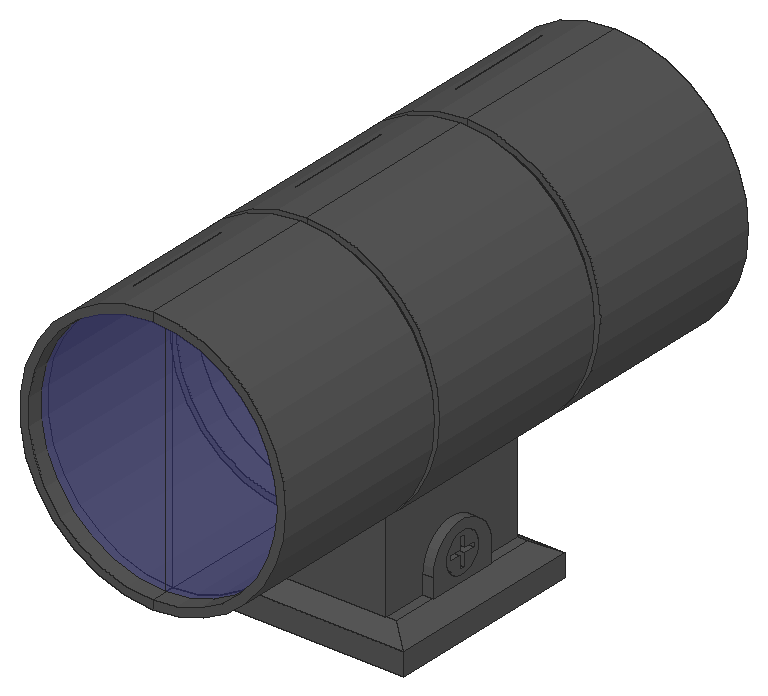
Revit family "CARLO CYLINDER LIGHT WALL MOUNT", category Lighting Fixtures, host Face, Revit 2020 (continued)
Types (10): name | Wattage_Input | Wattage Comments | Wattage | Photometric Web File | built-in parameter 1150142 | Model | built-in parameter 1150105 | Lumens | Light Length 1 | LIGHT RADIUS | LIGHT PLACEMENT | LIGHT LENGTH | LIGHT DIA | built-in parameter 1150106 | FIXED END HEIGHT | Curve base Height | Base Curve | BEAMING ANGLE | Apparent Load
     \r\n 296.23 278.61 262.2 247.81 234.69 222.13 210.87 201.66 193.87 187.14 \r\n 181.37 176.37 171.99 168.06 164.53 161.3 158.35 155.67 153.19 150.8 \r\n 148.56 146.49 144.56 142.81 141.08 139.19 137.28 135.77 133.64 129.68 \r\n 124.81 119.77 114.01 107.07 99.444 91.503 83.209 74.541 65.829 57.396 \r\n 49.236 41.446 34.033 26.816 20.46 15.614 12.135 10.378 9.4888 8.7154 \r\n 8.1006 7.3862 6.7237 6.1836 5.7502 5.4587 5.2263 4.9723 4.7263 4.4952 \r\n 4.2671 4.0272 3.7914 3.5715 3.365 3.1711 2.996 2.8489 2.7205 2.6101 \r\n 2.4999 2.3629 2.2254 2.1085 2.0001 1.8967 1.7935 1.6785 1.5698 1.4874 \r\n 1.4137 1.3385 1.2601 1.1668 1.0786 1.0201 0.96664 0.89778 0.826 0.75487 \r\n 0.69065 0.6455 0.60539 0.55813 0.51033 0.46336 0.42077 0.3889 0.36072 0.33038 \r\n 0.30058 0.27315 0.24724 0.22243 0.19927 0.17808 0.15918 0.14376 0.12957 0.1141 \r\n 0.099319 0.086691 0.075194 0.064002 0.053979 0.046001 0.039201 0.03321 0.027412 0.02047 \r\n 0.014176 0.010514 0.0075698 0.003415 0.000076 0 0 0 0 0 \r\n 0 0 0 0 0 0 0 0 0 0 \r\n 0 0 0 0 0 0 0 0 0 0 \r\n 0 0 0 0 0 0 0 0 0 0.0026189 \r\n 0.0055262 0.006061 0.0078338 0.014535 0.023263 0.032006 0.041784 0.053356 0.065492 0.076485 \r\n 0.088519 0.10386 0.12056 0.13653 0.15439 0.17707 0.20155 0.22569 0.24983 0.27235 \r\n 0.29698 0.32811 0.36228 0.40023 0.43935 0.47586 0.51399 0.55743 0.60402 0.65188 \r\n 0.70389 0.76381 0.82714 0.88962 0.95427 1.022 1.0949 1.1767 1.2632 1.353 \r\n 1.4416 1.5181 1.6001 1.7077 1.8221 1.9281 2.0348 2.1451 2.2614 2.3909 \r\n 2.5212 2.6353 2.7535 2.8884 3.0451 3.2387 3.4516 3.6682 3.8981 4.1524 \r\n 4.4112 4.6514 4.8943 5.1542 5.4285 5.7089 6.0269 6.4038 6.8618 7.4509 \r\n 8.1088 8.7596 9.4949 10.101 11.417 14.33 18.492 23.952 30.4 37.56 \r\n 45.368 53.776 62.458 71.022 79.618 88.377 96.96 105.15 112.72 119.2 \r\n 124.99 130.59 135.2 137.73 139.51 141.62 143.67 145.63 147.57 149.49 \r\n 151.53 153.8 156.28 158.94 161.84 165.05 168.55 172.31 176.51 181.29 \r\n 186.74 192.92 200.04 208.16 217.8 229.9 243.29 256.73 271.3 287.97 \r\n 305.84 324.28 343.4 363.14 383.23 403.33 423.6 444.11 464.86 486.06 \r\n 507.15 527.44 547.55 568.09 588.45 608.15 627.44 646.37 664.98 683.52 \r\n 701.37 717.83 733.42 748.24 762.79 777.89 792.69 806.64 819.6 831.25 \r\n 841.55 850.17 857.75 864.99 871.42 876.65 881.25 885.92 889.94 892.78 \r\n 896.17 \r\n892.81 893.66 891.01 887.46 882.98 877.47 871.08 864 856.03 846.93 \r\n 837 826.58 815.38 803.25 790.05 775.45 759.88 743.59 726.79 709.87 \r\n 692.62 675.05 656.91 637.88 618.19 597.81 577.2 556.96 536.58 515.58 \r\n 494.48 473.72 453.06 432.4 411.88 391.5 371.54 352.38 333.64 314.93 \r\n 296.7 279.15 262.66 247.77 234.23 221.93 211.03 201.75 193.79 187.03 \r\n 181.25 176.2 171.79 167.85 164.34 161.16 158.26 155.57 153.07 150.69 \r\n 148.46 146.39 144.45 142.69 140.96 139.09 137.2 135.75 133.63 129.53 \r\n 124.64 120.02 114.74 107.96 100.4 92.465 84.179 75.618 67.026 58.698 \r\n 50.554 42.559 34.886 27.5 20.996 16.01 12.389 10.454 9.4221 8.6303 \r\n 8.0395 7.3345 6.6808 6.1406 5.7092 5.4332 5.2219 4.9917 4.7681 4.5525 \r\n 4.3326 4.0876 3.8447 3.6273 3.4255 3.2353 3.0618 2.9112 2.777 2.6607 \r\n 2.5451 2.4056 2.2667 2.1492 2.0403 1.9354 1.8303 1.7135 1.6033 1.52 \r\n 1.4456 1.3693 1.2902 1.197 1.1093 1.0512 0.99743 0.92535 0.85026 0.77848 \r\n 0.71426 0.66865 0.62749 0.57758 0.52712 0.47916 0.43598 0.40296 0.3738 0.3432 \r\n 0.31366 0.28777 0.26315 0.23749 0.21315 0.19179 0.17309 0.15828 0.14432 0.12726 \r\n 0.11103 0.099164 0.088915 0.078455 0.068549 0.059306 0.050868 0.043865 0.036945 0.028168 \r\n 0.019924 0.014661 0.010256 0.004582 0.00010354 0 0 0 0 0 \r\n 0 0 0 0 0 0 0 0 0 0 \r\n 0 0 0 0 0 0 0 0 0 0 \r\n 0 0 0 0 0 0 0 0 0 0.00099443 \r\n 0.002078 0.0017212 0.002791 0.0083704 0.016281 0.025447 0.035643 0.045981 0.057372 0.070618 \r\n 0.085154 0.10087 0.11721 0.13265 0.15004 0.17281 0.19775 0.22293 0.24806 0.27072 \r\n 0.29545 0.32738 0.36238 0.39946 0.43703 0.47154 0.50784 0.55047 0.59673 0.6442 \r\n 0.69655 0.75862 0.82438 0.88827 0.9538 1.021 1.0948 1.1829 1.2759 1.3672 \r\n 1.4561 1.5336 1.6181 1.7332 1.8541 1.9581 2.0626 2.1791 2.3029 2.4368 \r\n 2.57 2.6855 2.8054 2.9455 3.1074 3.3024 3.5172 3.74 3.9769 4.2372 \r\n 4.4994 4.742 4.9736 5.1875 5.4082 5.6473 5.9359 6.3043 6.7664 7.3696 \r\n 8.0432 8.6921 9.4372 10.086 11.484 14.538 18.863 24.491 31.081 38.299 \r\n 46.153 54.679 63.458 71.981 80.553 89.509 98.25 106.26 113.62 120.2 \r\n 126.06 131.37 135.65 138.14 139.95 142.1 144.2 146.15 148.07 149.99 \r\n 152.04 154.38 156.93 159.63 162.58 165.84 169.41 173.23 177.49 182.37 \r\n 187.93 194.18 201.39 209.61 219.48 232.2 246.13 259.52 273.91 290.64 \r\n 308.6 327.05 346.14 365.84 385.9 406.02 426.31 446.82 467.53 488.58 \r\n 509.55 529.88 550.05 570.54 590.82 610.4 629.57 648.42 666.94 685.36 \r\n 703.09 719.44 734.89 749.54 763.97 779.19 794.07 807.77 820.44 832.05 \r\n 842.37 850.92 858.41 865.51 871.82 876.99 881.57 886.28 890.33 893.11 \r\n 896.17 \r\n892.81 893.75 891.14 887.66 883.2 877.62 871.16 864.15 856.22 846.91 \r\n 836.77 826.38 815.25 803.1 789.87 775.23 759.66 743.53 726.89 709.93 \r\n 692.58 674.86 656.66 637.89 618.48 598.15 577.52 557.24 536.85 515.98 \r\n 494.98 474.07 453.3 432.84 412.57 392.31 372.37 353.13 334.32 315.68 \r\n 297.55 280.05 263.5 248.18 234.27 222.14 211.48 202.09 193.97 187.14 \r\n 181.3 176.2 171.75 167.79 164.28 161.14 158.28 155.58 153.05 150.67 \r\n 148.45 146.38 144.45 142.67 140.93 139.09 137.24 135.81 133.72 129.57 \r\n 124.72 120.51 115.66 109.05 101.55 93.62 85.343 76.897 68.429 60.187 \r\n 52.049 43.867 35.964 28.444 21.811 16.646 12.826 10.655 9.4321 8.6059 \r\n 8.0357 7.3366 6.6889 6.1415 5.7032 5.4311 5.229 5.0127 4.8038 4.6003 \r\n 4.3881 4.14 3.8922 3.6769 3.4784 3.2902 3.1171 2.9629 2.8238 2.7024 \r\n 2.5828 2.442 2.3027 2.184 2.0737 1.9674 1.8612 1.7438 1.6329 1.5479 \r\n 1.4719 1.3952 1.316 1.2233 1.136 1.0777 1.023 0.94852 0.87116 0.799 \r\n 0.73473 0.68834 0.64601 0.59423 0.542 0.49338 0.4497 0.41548 0.38528 0.35443 \r\n 0.32513 0.30051 0.27692 0.25046 0.22501 0.20341 0.18478 0.17042 0.15659 0.1381 \r\n 0.12062 0.10951 0.10039 0.09036 0.080354 0.070088 0.060318 0.052278 0.044244 0.034 \r\n 0.024252 0.0177 0.012144 0.0053844 0.00012254 0 0 0 0 0 \r\n 0 0 0 0 0 0 0 0 0 0 \r\n 0 0 0 0 0 0 0 0 0 0 \r\n 0 0 0 0 0 0 0 0 0 0 \r\n 0 0 0 0.0046976 0.011889 0.021355 0.031839 0.041108 0.051875 0.067096 \r\n 0.083809 0.099787 0.11578 0.13081 0.14784 0.17053 0.19573 0.22173 0.24777 0.27085 \r\n 0.29591 0.32835 0.3638 0.39982 0.43588 0.46897 0.50405 0.54628 0.59199 0.63927 \r\n 0.69204 0.75601 0.82395 0.88938 0.95583 1.0222 1.096 1.1893 1.2877 1.3796 \r\n 1.4682 1.5462 1.6326 1.7539 1.8801 1.9823 2.085 2.2067 2.3369 2.474 \r\n 2.6092 2.7251 2.846 2.9908 3.1578 3.355 3.5723 3.8013 4.0444 4.3075 \r\n 4.5727 4.8275 5.0621 5.246 5.4282 5.637 5.9038 6.2669 6.7332 7.3485 \r\n 8.0342 8.6764 9.4278 10.125 11.603 14.776 19.247 25.057 31.808 39.086 \r\n 46.98 55.605 64.466 72.968 81.531 90.649 99.512 107.36 114.53 121.17 \r\n 127.06 132.09 136.09 138.51 140.35 142.54 144.68 146.61 148.51 150.43 \r\n 152.5 154.89 157.5 160.25 163.23 166.56 170.19 174.06 178.39 183.36 \r\n 189.02 195.35 202.66 211 221.08 234.31 248.69 262.09 276.39 293.2 \r\n 311.24 329.7 348.75 368.41 388.43 408.56 428.87 449.35 470 490.94 \r\n 511.8 532.14 552.34 572.82 593.03 612.5 631.53 650.3 668.75 687.08 \r\n 704.7 720.93 736.28 750.79 765.14 780.43 795.35 808.81 821.23 832.81 \r\n 843.14 851.64 859.05 866.02 872.21 877.32 881.89 886.62 890.68 893.4 \r\n 896.17 \r\n892.81 894.01 891.55 888.14 883.72 878.18 871.76 864.8 856.92 847.69 \r\n 837.6 827.1 815.87 803.78 790.67 776.22 760.84 744.81 728.23 711.32 \r\n 694.01 676.34 658.19 639.43 620.07 599.84 579.32 559.14 538.82 517.93 \r\n 496.93 476.13 455.48 435.01 414.74 394.64 374.86 355.58 336.69 318.03 \r\n 299.89 282.38 265.83 250.67 236.8 224.24 213.08 203.47 195.19 188.16 \r\n 182.14 176.95 172.44 168.42 164.85 161.67 158.78 156.04 153.48 151.07 \r\n 148.83 146.77 144.86 143.07 141.33 139.55 137.77 136.29 134.25 130.56 \r\n 126.21 122.16 117.38 110.87 103.45 95.567 87.332 78.994 70.609 62.322 \r\n 54.1 45.855 37.897 30.392 23.684 18.14 13.852 11.249 9.6949 8.8008 \r\n 8.2538 7.5401 6.8741 6.2922 5.8145 5.5041 5.268 5.0274 4.8028 4.5945 \r\n 4.3842 4.1434 3.9029 3.6879 3.4863 3.2915 3.1113 2.9528 2.8117 2.6925 \r\n 2.5766 2.4406 2.304 2.18 2.0642 1.9597 1.8572 1.7429 1.6332 1.5429 \r\n 1.4621 1.3886 1.3139 1.2215 1.1329 1.0714 1.0143 0.94291 0.86907 0.79677 \r\n 0.73126 0.68333 0.64028 0.59105 0.54162 0.49332 0.4491 0.4141 0.38312 0.3521 \r\n 0.32285 0.29803 0.27418 0.24762 0.22184 0.19915 0.17947 0.16494 0.15122 0.13276 \r\n 0.11536 0.10469 0.095691 0.084361 0.073131 0.063365 0.05426 0.045558 0.036977 0.02755 \r\n 0.019074 0.013711 0.0094096 0.0041008 0 0 0 0 0 0 \r\n 0 0 0 0 0 0 0 0 0 0 \r\n 0 0 0 0 0 0 0 0 0 0 \r\n 0 0 0 0 0 0 0.000014 0.00079628 0.0019579 0.003407 \r\n 0.0050101 0.0060092 0.0081855 0.013427 0.020655 0.029693 0.039731 0.049166 0.060199 0.075454 \r\n 0.092065 0.10769 0.12338 0.13864 0.1558 0.1778 0.20227 0.2281 0.25445 0.27894 \r\n 0.30506 0.33633 0.37024 0.40566 0.44187 0.4769 0.51399 0.55614 0.60206 0.6504 \r\n 0.70439 0.76913 0.83768 0.90405 0.97054 1.0342 1.1048 1.1965 1.2934 1.3832 \r\n 1.4693 1.5439 1.6277 1.7495 1.8769 1.9784 2.0802 2.2017 2.3314 2.4673 \r\n 2.6003 2.7111 2.8281 2.9751 3.1469 3.3499 3.5728 3.807 4.052 4.2999 \r\n 4.5646 4.8756 5.1784 5.4077 5.6254 5.8616 6.1453 6.5109 6.9723 7.5833 \r\n 8.2592 8.8736 9.6052 10.326 11.829 14.957 19.431 25.454 32.429 39.752 \r\n 47.642 56.283 65.182 73.799 82.456 91.528 100.31 108.13 115.24 121.73 \r\n 127.47 132.43 136.38 138.77 140.58 142.76 144.88 146.79 148.66 150.59 \r\n 152.68 155.06 157.66 160.44 163.47 166.82 170.48 174.39 178.75 183.75 \r\n 189.44 195.89 203.32 211.76 221.92 235.11 249.53 263.28 277.96 294.87 \r\n 312.9 331.35 350.38 369.99 389.96 410.08 430.37 450.75 471.31 492.25 \r\n 513.1 533.29 553.37 573.95 594.27 613.59 632.45 651.16 669.59 687.89 \r\n 705.49 721.7 737.03 751.58 765.91 780.99 795.71 809.16 821.64 833.24 \r\n 843.59 852.08 859.45 866.35 872.45 877.5 882.01 886.64 890.62 893.33 \r\n 896.17 \r\n892.81 894.31 892.02 888.68 884.31 878.83 872.48 865.57 857.75 848.65 \r\n 838.65 828.03 816.68 804.65 791.69 777.46 762.3 746.37 729.85 713.01 \r\n 695.76 678.16 660.06 641.29 621.93 601.84 581.47 561.41 541.16 520.25 \r\n 499.24 478.6 458.1 437.59 417.27 397.35 377.74 358.42 339.45 320.76 \r\n 302.59 285.05 268.52 253.59 239.82 226.73 214.94 205.08 196.65 189.38 \r\n 183.16 177.87 173.29 169.19 165.56 162.33 159.4 156.61 154.01 151.57 \r\n 149.31 147.26 145.36 143.57 141.84 140.12 138.41 136.86 134.88 131.74 \r\n 127.96 124.02 119.23 112.83 105.52 97.692 89.504 81.269 72.951 64.594 \r\n 56.275 47.999 40.028 32.567 25.794 19.845 15.049 11.971 10.047 9.0644 \r\n 8.5296 7.7976 7.1116 6.4889 5.9628 5.6014 5.3182 5.0433 4.7958 4.5795 \r\n 4.3706 4.1388 3.9074 3.6918 3.4853 3.2827 3.0948 2.9322 2.7901 2.674 \r\n 2.5631 2.433 2.2997 2.1699 2.0479 1.9454 1.8471 1.737 1.6291 1.5331 \r\n 1.4469 1.3771 1.3074 1.2157 1.1257 1.0603 1.0005 0.93288 0.86358 0.79139 \r\n 0.72462 0.67494 0.63115 0.58513 0.53925 0.4915 0.44679 0.411 0.37922 0.3481 \r\n 0.31889 0.29341 0.26892 0.24234 0.21644 0.19268 0.17189 0.15694 0.14317 0.12502 \r\n 0.10802 0.097693 0.088573 0.075688 0.063099 0.054116 0.04603 0.036757 0.027743 0.019512 \r\n 0.012742 0.0088879 0.006141 0.0026579 0 0 0 0 0 0 \r\n 0 0 0 0 0 0 0 0 0 0 \r\n 0 0 0 0 0 0 0 0 0 0 \r\n 0 0 0 0 0 0 0.000030 0.0016076 0.0040544 0.0073584 \r\n 0.011036 0.014139 0.018049 0.024076 0.031481 0.040006 0.049516 0.059361 0.070829 0.085764 \r\n 0.10185 0.11697 0.13236 0.14802 0.1655 0.18687 0.21056 0.2359 0.26229 0.28834 \r\n 0.31569 0.34563 0.37776 0.41238 0.44864 0.48637 0.52632 0.56897 0.61498 0.66449 \r\n 0.71965 0.78475 0.85347 0.92071 0.98722 1.0481 1.1152 1.2039 1.2978 1.3848 \r\n 1.4679 1.539 1.6199 1.7405 1.8675 1.9688 2.0701 2.1903 2.3181 2.4514 \r\n 2.581 2.6861 2.799 2.9481 3.1248 3.334 3.5631 3.8017 4.0474 4.2783 \r\n 4.5429 4.9164 5.2978 5.588 5.8569 6.1327 6.4421 6.8141 7.2712 7.8755 \r\n 8.5378 9.1205 9.8314 10.586 12.123 15.199 19.669 25.906 33.107 40.481 \r\n 48.37 57.009 65.928 74.676 83.433 92.41 101.06 108.87 115.96 122.26 \r\n 127.81 132.72 136.66 139.01 140.78 142.94 145.04 146.91 148.76 150.71 \r\n 152.81 155.17 157.75 160.57 163.64 167.01 170.69 174.64 179.06 184.07 \r\n 189.8 196.36 203.93 212.51 222.75 235.78 250.12 264.29 279.43 296.44 \r\n 314.47 332.91 351.91 371.47 391.4 411.5 431.75 452.02 472.47 493.43 \r\n 514.29 534.31 554.24 574.94 595.38 614.56 633.24 651.9 670.32 688.6 \r\n 706.19 722.39 737.73 752.35 766.69 781.52 795.99 809.47 822.03 833.65 \r\n 844 852.5 859.85 866.68 872.7 877.69 882.12 886.63 890.52 893.21 \r\n 896.17 \r\n892.81 894.62 892.53 889.26 884.92 879.53 873.26 866.39 858.63 849.7 \r\n 839.82 829.08 817.6 805.64 792.84 778.84 763.9 748.06 731.59 714.83 \r\n 697.67 680.15 662.1 643.3 623.92 603.99 583.82 563.88 543.71 522.78 \r\n 501.76 481.29 460.95 440.38 420 400.24 380.79 361.46 342.41 323.69 \r\n 305.5 287.9 271.38 256.72 243.07 229.41 216.95 206.83 198.22 190.71 \r\n 184.28 178.88 174.23 170.05 166.34 163.05 160.07 157.24 154.6 152.12 \r\n 149.84 147.8 145.92 144.11 142.39 140.74 139.09 137.48 135.57 133.02 \r\n 129.82 125.93 121.09 114.83 107.68 99.909 91.769 83.623 75.356 66.912 \r\n 58.49 50.211 42.259 34.849 28.012 21.662 16.357 12.788 10.472 9.3798 \r\n 8.8409 8.0891 7.3854 6.7183 6.1381 5.7164 5.3769 5.0614 4.787 4.5615 \r\n 4.3541 4.1317 3.9097 3.6924 3.48 3.2695 3.0742 2.9082 2.7657 2.653 \r\n 2.5473 2.4233 2.2936 2.158 2.0297 1.929 1.835 1.7293 1.6239 1.5222 \r\n 1.4306 1.3644 1.2996 1.2088 1.1179 1.0482 0.98523 0.92173 0.85734 0.78547 \r\n 0.71758 0.6661 0.6215 0.57882 0.53663 0.48953 0.44438 0.40777 0.37514 0.34399 \r\n 0.31482 0.28833 0.26283 0.23629 0.21044 0.1858 0.16401 0.1484 0.13435 0.11672 \r\n 0.10034 0.090229 0.080815 0.066338 0.052429 0.044357 0.037446 0.027704 0.018353 0.01145 \r\n 0.0064959 0.0041964 0.0030037 0.0012836 0 0 0 0 0 0 \r\n 0 0 0 0 0 0 0 0 0 0 \r\n 0 0 0 0 0 0 0 0 0 0 \r\n 0 0 0 0 0 0 0.000044 0.0023423 0.0060204 0.01125 \r\n 0.017105 0.022381 0.028089 0.034985 0.042638 0.050668 0.059679 0.07008 0.082074 0.096516 \r\n 0.11186 0.12639 0.14146 0.15764 0.17562 0.19661 0.21967 0.24425 0.27036 0.29796 \r\n 0.32662 0.35532 0.38573 0.41944 0.45565 0.49635 0.53953 0.58296 0.62926 0.67987 \r\n 0.73596 0.80104 0.86961 0.93763 1.0042 1.0628 1.1264 1.2115 1.3017 1.385 \r\n 1.4648 1.5332 1.6117 1.7298 1.8548 1.9562 2.0576 2.1761 2.301 2.4306 \r\n 2.5559 2.6556 2.7651 2.9165 3.0981 3.3141 3.5493 3.7912 4.0368 4.2515 \r\n 4.5175 4.9531 5.4145 5.7725 6.1012 6.4227 6.7631 7.1454 7.6005 8.197 \r\n 8.8443 9.3941 10.088 10.895 12.487 15.534 20.013 26.453 33.87 41.305 \r\n 49.203 57.832 66.759 75.634 84.483 93.33 101.82 109.64 116.72 122.81 \r\n 128.14 133 136.93 139.25 140.99 143.11 145.18 147.02 148.84 150.81 \r\n 152.93 155.27 157.84 160.69 163.81 167.2 170.9 174.9 179.36 184.4 \r\n 190.17 196.87 204.6 213.38 223.72 236.5 250.67 265.29 280.93 298.05 \r\n 316.06 334.52 353.5 373.01 392.87 412.94 433.15 453.31 473.67 494.63 \r\n 515.49 535.35 555.15 575.95 596.49 615.54 634.05 652.67 671.08 689.34 \r\n 706.92 723.11 738.46 753.17 767.54 782.12 796.33 809.84 822.49 834.1 \r\n 844.42 852.93 860.28 867.04 872.98 877.91 882.28 886.65 890.41 893.08 \r\n 896.17 \r\n892.81 894.93 893.03 889.84 885.53 880.23 874.05 867.22 859.51 850.75 \r\n 841 830.16 818.56 806.67 794.03 780.25 765.51 749.74 733.33 716.65 \r\n 699.57 682.13 664.13 645.29 625.91 606.15 586.18 566.37 546.29 525.34 \r\n 504.32 484.01 463.82 443.2 422.77 403.13 383.83 364.49 345.4 326.66 \r\n 308.45 290.8 274.27 259.84 246.27 232.07 218.97 208.58 199.8 192.05 \r\n 185.42 179.91 175.19 170.92 167.14 163.79 160.76 157.88 155.21 152.69 \r\n 150.39 148.36 146.49 144.67 142.95 141.36 139.77 138.11 136.26 134.28 \r\n 131.63 127.77 122.85 116.77 109.81 102.13 94.036 85.96 77.723 69.185 \r\n 60.664 52.403 44.488 37.119 30.209 23.492 17.715 13.665 10.954 9.7301 \r\n 9.1657 8.3949 7.6791 6.9674 6.3303 5.8427 5.4411 5.0826 4.7805 4.5465 \r\n 4.3415 4.1277 3.9138 3.6936 3.4746 3.2574 3.0563 2.8879 2.7453 2.6355 \r\n 2.5341 2.4158 2.2895 2.1486 2.0145 1.9151 1.8245 1.7234 1.6206 1.5139 \r\n 1.4173 1.3541 1.2936 1.2043 1.1128 1.0388 0.97254 0.91274 0.85297 0.78164 \r\n 0.71292 0.65973 0.61421 0.57445 0.53553 0.48902 0.44348 0.40596 0.37243 0.34133 \r\n 0.31223 0.28444 0.25765 0.23112
